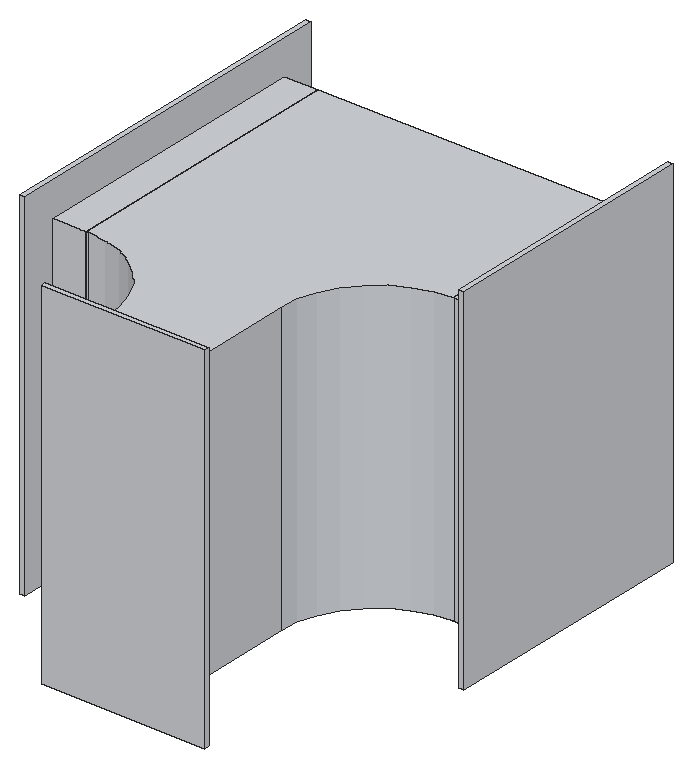
Revit family "RE T-Stück gerade TG - Flansch", category Luftkanalformteile, Revit 2014
Parameters (values of type "Allgemein")
  x2 [instance] = if(not(Min. abdh > 100 mm), 0 mm, if(not(Min. abdh > 125 mm), 25 mm, if(not(Min. abdh > 150 mm), 50 mm, if(not(Min. abdh > 175 mm), 75 mm, if(not(Min. abdh > 200 mm), 100 mm, if(not(Min. abdh > 225 mm), 125 mm, 150 mm))))))  # 0 mm
  x [instance] = 35 mm
  r1 [instance] = if(r = 0 mm, 100 mm, r)  # 100 mm
  r [instance] = 0 mm
  m2 [instance] = 2000 mm + m + Versatz 1  # 2125 mm
  m1 [instance] = 2000 mm  # constant formula
  m [instance] = 0 mm  # constant formula
  l2 [instance] = 2 * (Länge 1 + r1) + h  # 370 mm
  l [instance] = 0 mm
  f2 [instance] = if(f = 0 mm, 0.9222 * Min. bdh - 82.8 mm, f)  # 9.42 mm
  f1 [instance] = r1 + Länge 1 + 1.6 mm  # 136.6 mm
  f [instance] = 0 mm
  e4 [instance] = 0 mm
  e3 [instance] = 0 mm
  e2 [instance] = 0 mm
  e1 [instance] = if(d > b, r1 + Länge 1 + 1 mm, r1 + Länge 1 + b - d + 1 mm)  # 236 mm
  e [instance] = 0 mm
  Sichtbarkeit 4 [instance] = Versatz 1 > b / 2  # no
  Sichtbarkeit 3 [instance] = not(Versatz 1 > b / 2)  # yes
  Sichtbarkeit 2 [instance] = x1 = 0 mm  # no
  Versatz 1 [instance] = if(b > d, abs((b / 2 - d / 2) / 2 + d / 2 - m / 2), abs((d / 2 - b / 2) / 2 + b / 2 - m / 2))  # 125 mm
  RLT_DIN_r [instance] = r  # 0 mm
  RLT_DIN_l [instance] = l  # 0 mm
  RLT_DIN_h [instance] = h  # 100 mm
  RLT_DIN_f [instance] = f  # 0 mm
  RLT_DIN_e [instance] = e  # 0 mm
  RLT_DIN_d [instance] = d  # 200 mm
  RLT_DIN_b [instance] = b  # 300 mm
  RLT_DIN_a [instance] = a  # 300 mm
  RLT_DIN_KZ = "TG"
  Max. abdh [instance] = if(Max. bdh < a, a, Max. bdh)  # 300 mm
  Länge x3 [instance] = x1 + Flanschstärke  # 40 mm
  l1 [instance] = if(l = 0 mm, Max. abdh, l)  # 300 mm
  h [instance] = 100 mm
  d [instance] = 200 mm
  b [instance] = 300 mm
  a [instance] = 300 mm
  Sichtbarkeit 1 [instance] = not(x1 = 0 mm)  # yes
  Min. dh [instance] = if(d < h, d, h)  # 100 mm
  Min. bh [instance] = if(b < h, b, h)  # 100 mm
  Min. bdh [instance] = if(and(b < d, b < h), b, if(and(d < b, d < h), d, h))  # 100 mm
  Min. abdh [instance] = if(Min. bdh < a, Min. bdh, a)  # 100 mm
  Versatz 2 [instance] = if(b > d, b + f, d + f)  # 300 mm
  Länge 1 [instance] = if(x1 = 0 mm, 10 mm, x1)  # 35 mm
  x1 [instance] = 35 mm  # constant formula
  Max. bdh [instance] = if(d12 > h, d12, h)  # 300 mm
  d12 [instance] = if(b > d, b, d)  # 300 mm
  Flansch h [instance] = h + Flanschverlängerung * 2  # 170 mm
  Flansch d [instance] = d + Flanschverlängerung * 2  # 270 mm
  Flansch b [instance] = b + Flanschverlängerung * 2  # 370 mm
  Flansch a [instance] = a + Flanschverlängerung * 2  # 370 mm
  Flanschstärke [instance] = 5 mm
  Flanschverlängerung [instance] = 35 mm
  Assembly Code = ""
Reference planes
  plane 1 "Mitte (vorne/hinten)": y = 0
  plane 2: z = 0
  plane 3 "Mitte (links/rechts)": x = 0
  plane 4: y = 125
  plane 5: x = -50
  plane 6: x = 50
  plane 7: z = 150
  plane 8: z = -150
  plane 9: y = -175
  plane 10: y = -2000
  plane 11: y = -25
  plane 12: x = -186.6
  plane 13: x = -150
  plane 14: x = -191.6
  plane 15: x = -151.6
  plane 16: x = 183.4
  plane 17: x = 188.4
  plane 18: y = 125
  plane 19: y = -275
  plane 20: x = 148.4
  plane 21: y = -75
  plane 22: y = 25
  plane 23: y = -175
  plane 24: x = 150
  plane 25: x = -151.6
  plane 26: x = 148.4
  plane 27: y = -436.7
  plane 28: y = -311
  plane 29: y = -316
  plane 30: y = -276
  plane 31: y = -276
  plane 32: y = 160
  plane 33: y = -210
  plane 34: y = 160
  plane 35: y = -110
  plane 36: x = -85
  plane 37: x = 85
Forms (mm)
  Extrusion 1, solid, detail levels medium+fine
    sketch origin (0, 0, 0) x (1, 0, 0) y (0, 1, 0)
      loop
        line (148.4, -75) -> (148.4, 125) -> (-151.6, 125) -> (-151.6, -175) -> (-150, -175)
        arc (-150, -175) -> (-79.289, -204.289) -> (-50, -275) r 100
        line (-50, -275) -> (-50, -276) -> (50, -276) -> (50, -175)
        arc (50, -175) -> (79.289, -104.289) -> (150, -75) r 100
        line (150, -75) -> (148.4, -75)
    from -150 to 150
  Sweep 2, solid, visible <- "Sichtbarkeit 1", detail levels medium+fine
    path in 3D
      loop
        line (-186.6, -25, 0) -> (-151.6, -25, 0)
    profile "Luftkanal - rechteckig : Luftkanal - rechteckig 1" origin (-169.1, -25, 0) x (0, 1, 0) y (0, 0, 1)
      loop
        line (-150, 150) -> (-150, -150) -> (150, -150) -> (150, 150) -> (-150, 150)
  Sweep 3, solid, visible <- "Sichtbarkeit 1", detail levels medium+fine
    path in 3D
      loop
        line (183.4, 25, 0) -> (148.4, 25, 0)
    profile "Luftkanal - rechteckig : Luftkanal - rechteckig 2" origin (165.9, 25, 0) x (0, -1, 0) y (0, 0, 1)
      loop
        line (-100, 150) -> (-100, -150) -> (100, -150) -> (100, 150) -> (-100, 150)
  Sweep 4, solid, detail levels fine
    path in 3D
      loop
        line (-186.6, -25, 0) -> (-191.6, -25, 0)
    profile "Luftkanal - rechteckig : Luftkanal - Flansch 1" origin (-189.1, -25, 0) x (0, -1, 0) y (0, 0, 1)
      loop
        line (-185, 185) -> (-185, -185) -> (185, -185) -> (185, 185) -> (-185, 185)
  Sweep 5, solid, detail levels fine
    path in 3D
      loop
        line (188.4, 25, 0) -> (183.4, 25, 0)
    profile "Luftkanal - rechteckig : Luftkanal - Flansch 2" origin (185.9, 25, 0) x (0, -1, 0) y (0, 0, 1)
      loop
        line (-135, 185) -> (-135, -185) -> (135, -185) -> (135, 185) -> (-135, 185)
  Sweep 6, solid, visible <- "Sichtbarkeit 1", detail levels medium+fine
    path in 3D
      loop
        line (0, -276, 0) -> (0, -311, 0)
    profile "Luftkanal - rechteckig : Luftkanal - rechteckig 3" origin (0, -293.5, 0) x (1, 0, 0) y (0, 0, 1)
      loop
        line (-50, 150) -> (-50, -150) -> (50, -150) -> (50, 150) -> (-50, 150)
  Sweep 7, solid, detail levels fine
    path in 3D
      loop
        line (0, -316, 0) -> (0, -311, 0)
    profile "Luftkanal - rechteckig : Luftkanal - Flansch 3" origin (0, -313.5, 0) x (-1, 0, 0) y (0, 0, 1)
      loop
        line (-85, 185) -> (-85, -185) -> (85, -185) -> (85, 185) -> (-85, 185)
  Sweep 8, solid, detail levels medium
    path in 3D
      loop
        line (0, -316, 0) -> (0, -311, 0)
    profile "Luftkanal - rechteckig : Luftkanal - rechteckig 3" origin (0, -313.5, 0) x (-1, 0, 0) y (0, 0, 1)
      loop
        line (-50, 150) -> (-50, -150) -> (50, -150) -> (50, 150) -> (-50, 150)
  Sweep 9, solid, detail levels medium
    path in 3D
      loop
        line (-186.6, -25, 0) -> (-191.6, -25, 0)
    profile "Luftkanal - rechteckig : Luftkanal - rechteckig 1" origin (-189.1, -25, 0) x (0, -1, 0) y (0, 0, 1)
      loop
        line (-150, 150) -> (-150, -150) -> (150, -150) -> (150, 150) -> (-150, 150)
  Sweep 10, solid, detail levels medium
    path in 3D
      loop
        line (188.4, 25, 0) -> (183.4, 25, 0)
    profile "Luftkanal - rechteckig : Luftkanal - rechteckig 2" origin (185.9, 25, 0) x (0, -1, 0) y (0, 0, 1)
      loop
        line (-100, 150) -> (-100, -150) -> (100, -150) -> (100, 150) -> (-100, 150)
Lines and regions (mm)
  model lines, not visible, detail levels coarse
    curve 1: line (-186.6, -25, 0) -> (-151.6, -25, 0)
    curve 5: line (-186.6, -25, 0) -> (-191.6, -25, 0)
    curve 9: line (0, -316, 0) -> (0, -311, 0)
    curve 10: line (0, -276, 0) -> (0, -311, 0)
  model lines, visible <- "Sichtbarkeit 1", detail levels coarse
    curve 2: line (183.4, 25, 0) -> (148.4, 25, 0)
    curve 13: line (0, 25, 0) -> (148.4, 25, 0)
  sketch lines
    curve 3: line (-186.6, -25, 0) -> (-151.6, -25, 0)
    curve 4: line (183.4, 25, 0) -> (148.4, 25, 0)
    curve 7: line (-186.6, -25, 0) -> (-191.6, -25, 0)
    curve 8: line (188.4, 25, 0) -> (183.4, 25, 0)
    curve 11: line (0, -276, 0) -> (0, -311, 0)
    curve 12: line (0, -316, 0) -> (0, -311, 0)
    curve 16: line (0, -316, 0) -> (0, -311, 0)
    curve 17: line (-186.6, -25, 0) -> (-191.6, -25, 0)
    curve 18: line (188.4, 25, 0) -> (183.4, 25, 0)
  model lines, detail levels coarse
    curve 6: line (188.4, 25, 0) -> (183.4, 25, 0)
    curve 15: line (-191.6, -25, 0) -> (0, -25, 0)
    curve 19: line (-191.6, 160, 0) -> (-191.6, -210, 0)
    curve 20: line (188.4, -110, 0) -> (188.4, 160, 0)
    curve 21: line (-85, -316, 0) -> (85, -316, 0)
  model lines, visible <- "Sichtbarkeit 2", detail levels coarse
    curve 14: line (0, 25, 0) -> (183.4, 25, 0)
  model lines, visible <- "Sichtbarkeit 3", detail levels coarse
    curve 22: line (0, 25, 0) -> (0, -316, 0)
  model lines, visible <- "Sichtbarkeit 4", detail levels coarse
    curve 23: line (0, -25, 0) -> (0, -316, 0)
Dimensions and locks
  "Versatz 1": plane 4 to plane 1 "Mitte (vorne/hinten)"
  equal spacing: plane 7, plane 2, plane 8
  "a": plane 7 to plane 8
  "b": plane 4 to plane 9
  "m1": plane 10 to plane 1 "Mitte (vorne/hinten)"
  "f1": plane 12 to plane 5
  "r1": plane 13 to plane 5
  "Flanschstärke": plane 14 to plane 12
  "Länge 1": plane 12 to plane 15
  "l2": plane 12 to plane 16
  "Flanschstärke": plane 16 to plane 17
  equal spacing: plane 4, plane 11, plane 9
  "m2": plane 18 to plane 10
  "r1": plane 9 to plane 19
  "Länge 1": plane 20 to plane 16
  "d": plane 18 to plane 21
  equal spacing: plane 18, plane 22, plane 21
  "r1": plane 21 to plane 23
  "r1": plane 6 to plane 24
  "x1": plane 12 to plane 25
  "x1": plane 26 to plane 16
  "e1": plane 21 to plane 28
  "Flanschstärke": plane 28 to plane 29
  "x1": plane 30 to plane 28
  "Länge 1": plane 31 to plane 28
  "Flansch b": plane 33 to plane 32
  equal spacing: plane 32, plane 11, plane 33
  equal spacing: plane 35, plane 22, plane 34
  "Flansch d": plane 34 to plane 35
  equal spacing: plane 36, plane 3 "Mitte (links/rechts)", plane 37
  "Flansch h": plane 36 to plane 37
  "h": plane 5 to plane 6
  equal spacing: plane 5, plane 3 "Mitte (links/rechts)", plane 6
  "r1": radius of Extrusion 1 sketch curve  (x2)
  aligned and locked: plane 7 to Extrusion 1
  aligned and locked: Extrusion 1 to plane 8
  aligned: plane 16 to Extrusion 1
  aligned and locked: plane 12 to curve 1
  aligned and locked: plane 19 to Extrusion 1 sketch curve
  aligned and locked: plane 13 to Extrusion 1 sketch curve  (x2)
  aligned and locked: plane 20 to curve 2
  aligned and locked: plane 22 to curve 2
  aligned and locked: plane 24 to Extrusion 1 sketch curve
  aligned and locked: plane 23 to Extrusion 1 sketch curve  (x2)
  aligned and locked: Extrusion 1 to plane 25
  aligned and locked: Extrusion 1 sketch curve to plane 26
  aligned and locked: plane 4 to Extrusion 1 sketch curve
  aligned and locked: plane 18 to Extrusion 1 sketch curve
  aligned and locked: plane 25 to Extrusion 1 sketch curve
  aligned and locked: plane 17 to curve 6
  aligned and locked: plane 22 to curve 6
  aligned and locked: curve 1 to plane 11
  aligned and locked: plane 3 "Mitte (links/rechts)" to curve 9
  aligned and locked: plane 31 to curve 10
  aligned and locked: curve 10 to plane 3 "Mitte (links/rechts)"
  aligned and locked: Extrusion 1 to plane 30
  aligned and locked: plane 22 to curve 13
  aligned and locked: plane 16 to curve 14
  aligned and locked: plane 3 "Mitte (links/rechts)" to curve 15
  aligned and locked: plane 14 to curve 15
  aligned and locked: curve 15 to plane 11
  aligned and locked: plane 32 to curve 19
  aligned and locked: plane 33 to curve 19
  aligned and locked: curve 19 to plane 14
  aligned and locked: plane 35 to curve 20
  aligned and locked: plane 34 to curve 20
  aligned and locked: plane 17 to curve 20
  aligned and locked: plane 37 to curve 21
  aligned and locked: plane 36 to curve 21
  aligned and locked: curve 21 to plane 29
  aligned and locked: plane 29 to curve 23
  aligned and locked: plane 11 to curve 23
  aligned and locked: curve 23 to plane 3 "Mitte (links/rechts)"
  aligned and locked: curve 13 to plane 22
  aligned and locked: plane 3 "Mitte (links/rechts)" to curve 13
Automatic sketch dimensions
  curve 1 to plane 15 = 0 mm
  curve 10 to plane 28 = 0 mm
  Extrusion 1 sketch curve to plane 30 = 0 mm
Connectors
  hvac at (-191.6, -25, 0), driven by "a", driven by "b"
    settings: on Sweep 4, index 1, duct flow 0.0 L/s, flow factor 0, pres drop 0.0 Pa, loss coef 0, conn angle 0.00°, conn width 300 mm, conn height 300 mm, conn diameter 609.6 mm, duct sys type 28, conn prof type 1, flow config 0, flow direction 0, loss method 0, conn ref index 2, conn util no, is conn primary yes, conn desc ""
  hvac at (188.4, 25, 0), driven by "a", driven by "d"
    settings: on Sweep 5, index 2, duct flow 0.0 L/s, flow factor 0, pres drop 0.0 Pa, loss coef 0, conn angle 0.00°, conn width 200 mm, conn height 300 mm, conn diameter 609.6 mm, duct sys type 28, conn prof type 1, flow config 0, flow direction 0, loss method 0, conn ref index 1, conn util no, is conn primary no, conn desc ""
  hvac at (0, -316, 0), driven by "a", driven by "h"
    settings: on Sweep 7, index 3, duct flow 0.0 L/s, flow factor 0, pres drop 0.0 Pa, loss coef 0, conn angle 0.00°, conn width 100 mm, conn height 300 mm, conn diameter 609.6 mm, duct sys type 28, conn prof type 1, flow config 0, flow direction 0, loss method 0, conn ref index -1, conn util no, is conn primary no, conn desc ""
